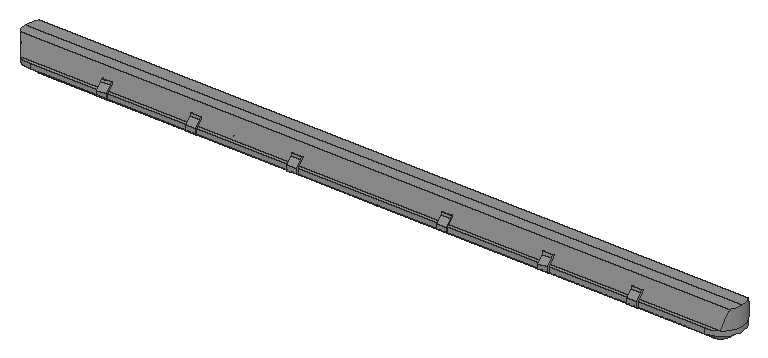
Revit family "ДСП-01 60 Вт 1500", category Осветительные приборы, Revit 2019 (continued)
Parameters (values of type "ДСП-01-ПП-60-1500-4К-IP65")
    4.4 283.1 281.8 280.4 278.9 277.2 275.5 273.8 271.8 269.9 267.8 265.6 263.3 260.9 258.4 256 253.3 250.6 247.8 244.9 242 238.9 235.8 232.6 229.4 226 222.6 219.1 215.7 212 208.4 204.7 200.9 197.2 193.4 189.5 185.6 181.6 177.7 173.7 169.7 165.6 161.5 157.4 153.4 149.2 145.1 140.9 136.9 132.7 128.8 124.6 120.7 116.7 112.8 108.8 104.9 101 97.3 93.6 90 86.4 82.9 79.5 76.1 72.8 69.6 66.5 63.4 60.4 57.5 54.7 51.9 49.3 46.8 44.3 41.9 39.6 37.3 35.2 33.1 31.1 29.2 27.3 25.6 23.9 22.2 20.7 19.3 17.9 16.5 15.3 14.1 13 11.8 10.8 9.7 8.8 7.9 7.2 6.5 5.9 5.5 5.1 4.9 4.8 4.7 4.7 4.7 4.6 4.6 4.6 4.6 4.6 4.6 4.6 4.6 4.5 4.5 4.5 4.5 4.5 4.5 4.5 4.5 4.5 4.5 4.5 4.5 4.6 4.5 4.5 4.5 4.5 4.5 4.5 4.5 4.5 4.5 4.5 4.5 4.5 4.5 2.3 2.3 2.3 2.3\r\n291.7 291.7 291.7 291.7 291.5 291.2 290.8 290.3 289.8 289.1 288.3 287.4 286.5 285.5 284.3 283 281.7 280.3 278.8 277.1 275.4 273.7 271.7 269.8 267.7 265.6 263.2 260.8 258.3 255.9 253.2 250.5 247.6 244.9 241.9 238.8 235.8 232.6 229.5 226.1 222.7 219.3 215.9 212.3 208.7 205.1 201.3 197.6 193.8 190 186.2 182.2 178.4 174.4 170.5 166.4 162.4 158.4 154.4 150.2 146.2 142.1 138.1 134 130.1 126 122.1 118.2 114.3 110.4 106.7 102.9 99.2 95.5 92 88.4 85 81.6 78.3 75 71.8 68.6 65.6 62.6 59.7 56.9 54.1 51.5 48.9 46.4 44 41.7 39.4 37.2 35 33.1 31.1 29.2 27.3 25.6 23.9 22.3 20.8 19.3 17.9 16.6 15.3 14.1 12.9 11.8 10.8 9.7 8.7 7.8 7 6.4 5.8 5.3 5 4.8 4.7 4.6 4.6 4.6 4.6 4.5 4.5 4.5 4.5 4.5 4.5 4.4 4.4 4.4 4.4 4.4 4.4 4.4 4.4 4.4 4.4 4.4 4.4 4.4 4.4 4.4 4.4 4.4 4.3 4.4 4.4 4.4 4.4 4.4 4.4 4.4 4.4 0 0 0 0\r\n291.7 291.7 291.8 291.7 291.5 291.2 290.8 290.4 289.8 289.1 288.4 287.5 286.5 285.5 284.4 283.2 281.8 280.4 278.9 277.3 275.6 273.8 271.9 269.9 267.9 265.7 263.4 261 258.6 256.1 253.4 250.8 248 245.2 242.2 239.2 236.2 232.9 229.8 226.5 223.2 219.7 216.3 212.8 209.3 205.6 201.9 198.2 194.5 190.7 186.9 183 179.2 175.3 171.4 167.4 163.5 159.4 155.5 151.4 147.5 143.5 139.6 135.6 131.7 127.7 123.9 119.9 116.2 112.3 108.6 104.9 101.3 97.6 94.2 90.7 87.3 83.9 80.7 77.4 74.2 71.1 68 65.1 62.2 59.4 56.6 54 51.4 48.9 46.4 44.1 41.8 39.6 37.4 35.3 33.3 31.4 29.5 27.7 25.9 24.3 22.7 21.2 19.7 18.3 17 15.7 14.5 13.3 12.2 11.1 10 9.1 8.2 7.4 6.7 6.1 5.6 5.3 5 4.9 4.8 4.8 4.8 4.8 4.8 4.7 4.7 4.7 4.7 4.7 4.7 4.7 4.7 4.7 4.7 4.7 4.7 4.6 4.6 4.6 4.6 4.6 4.6 4.6 4.6 4.6 4.6 4.6 4.6 4.6 4.6 4.6 4.6 4.6 4.6 2.4 2.4 2.4 2.4\r\n291.7 291.7 291.8 291.7 291.5 291.2 290.8 290.4 289.8 289.1 288.4 287.5 286.6 285.6 284.4 283.3 281.9 280.6 279 277.4 275.7 273.9 272.1 270.1 268.1 265.9 263.6 261.3 258.8 256.4 253.7 251.1 248.3 245.5 242.5 239.5 236.5 233.3 230.2 226.9 223.6 220.2 216.8 213.3 209.8 206.2 202.6 198.9 195.2 191.4 187.7 183.8 180.1 176.1 172.3 168.3 164.5 160.5 156.6 152.6 148.8 144.9 141 137.1 133.2 129.3 125.6 121.7 118 114.2 110.5 106.9 103.3 99.8 96.3 93 89.6 86.3 83.1 79.9 76.7 73.6 70.5 67.7 64.7 61.9 59.1 56.5 53.8 51.4 48.9 46.5 44.1 41.9 39.7 37.6 35.5 33.5 31.6 29.8 28 26.3 24.6 23.1 21.5 20 18.6 17.3 16 14.8 13.6 12.5 11.4 10.3 9.3 8.4 7.5 6.9 6.2 5.7 5.4 5.2 5.1 5 5 5 5 5 5 5 5 5 4.9 4.9 4.9 5 4.9 4.9 4.9 4.9 4.9 4.9 4.9 4.9 4.9 4.9 4.9 4.9 4.9 4.9 4.9 4.9 4.9 4.9 4.9 4.9 4.8 4.9 4.9 4.8 4.8\r\n291.6 291.7 291.7 291.6 291.4 291.2 290.8 290.3 289.8 289.1 288.4 287.5 286.6 285.6 284.4 283.3 281.9 280.6 279 277.4 275.7 273.9 272.1 270.1 268.1 265.9 263.7 261.4 258.9 256.5 253.9 251.2 248.4 245.7 242.7 239.7 236.7 233.6 230.5 227.2 223.9 220.5 217.2 213.7 210.2 206.6 203.1 199.4 195.8 192 188.3 184.5 180.7 176.8 173 169.1 165.2 161.3 157.5 153.5 149.7 145.9 142.1 138.2 134.4 130.5 126.8 123 119.3 115.5 111.9 108.3 104.8 101.3 97.9 94.5 91.2 87.9 84.7 81.5 78.3 75.3 72.2 69.4 66.4 63.6 60.8 58.2 55.5 53 50.5 48.2 45.8 43.5 41.3 39.2 37.1 35 33.1 31.2 29.3 27.6 25.9 24.3 22.7 21.2 19.8 18.4 17 15.8 14.6 13.4 12.3 11.2 10.1 9.1 8.2 7.4 6.7 6.1 5.6 5.3 5.1 5 5 5 5 5 5 5 5 4.9 4.9 4.9 4.9 5 4.9 4.9 4.9 4.9 4.8 4.9 4.8 4.8 4.8 4.8 4.8 4.8 4.8 4.8 4.8 4.8 4.8 4.8 4.8 4.8 4.7 4.8 4.8 4.7 4.7\r\n291.6 291.7 291.7 291.6 291.4 291.1 290.7 290.3 289.8 289.1 288.4 287.4 286.6 285.6 284.4 283.3 281.9 280.5 279 277.4 275.7 273.9 272.1 270.1 268.1 266 263.7 261.5 259 256.6 254 251.3 248.6 245.8 242.9 239.9 237 233.9 230.7 227.5 224.2 220.9 217.5 214.1 210.6 207.1 203.5 199.9 196.3 192.6 188.9 185.2 181.3 177.5 173.8 169.8 166 162.2 158.4 154.5 150.7 146.9 143.1 139.2 135.5 131.7 128 124.2 120.6 116.9 113.3 109.8 106.3 102.8 99.4 96.1 92.8 89.5 86.3 83.1 79.9 76.9 73.9 71.1 68.1 65.3 62.5 59.9 57.2 54.7 52.2 49.8 47.4 45.1 42.9 40.8 38.6 36.6 34.5 32.6 30.7 29 27.2 25.5 23.9 22.4 20.9 19.4 18 16.7 15.5 14.3 13.1 12 10.9 9.8 8.8 8 7.1 6.5 5.9 5.4 5.2 5 4.9 4.9 4.9 4.9 4.9 4.9 4.9 4.9 4.9 4.9 4.9 4.9 4.9 4.9 4.9 4.9 4.8 4.8 4.8 4.8 4.8 4.8 4.8 4.8 4.7 4.7 4.7 4.7 4.7 4.7 4.7 4.7 4.6 4.7 4.7 4.6 4.7\r\n291.6 291.7 291.6 291.6 291.4 291.1 290.7 290.2 289.7 289 288.3 287.4 286.5 285.5 284.4 283.2 281.8 280.4 278.9 277.3 275.6 273.9 272 270.1 268 265.9 263.7 261.4 259 256.5 254 251.3 248.6 245.8 242.9 240 237 233.9 230.8 227.6 224.4 221.1 217.7 214.2 210.9 207.3 203.8 200.2 196.6 193 189.3 185.6 181.8 178 174.3 170.4 166.7 162.8 159.1 155.2 151.5 147.7 144 140.2 136.5 132.7 129.1 125.3 121.8 118.1 114.6 111.1 107.6 104.2 100.8 97.5 94.3 91 87.8 84.6 81.5 78.5 75.5 72.6 69.7 66.9 64.1 61.5 58.8 56.3 53.8 51.4 48.9 46.6 44.4 42.2 40.1 38 35.9 34 32.1 30.3 28.5 26.8 25.1 23.5 22 20.5 19.1 17.8 16.4 15.2 14 12.9 11.8 10.7 9.7 8.8 7.9 7.1 6.4 5.9 5.5 5.2 5.1 5.1 5 5.1 5.1 5 5.1 5.1 5.1 5 5 5.1 5 5 5 5 5 5 4.9 5 5 5 4.9 4.9 4.9 4.9 4.9 4.9 4.8 4.9 4.9 4.8 4.8 4.8 4.8 4.8 4.8\r\n291.6 291.7 291.6 291.5 291.3 291 290.7 290.1 289.6 289 288.2 287.4 286.5 285.4 284.3 283.1 281.7 280.4 278.8 277.2 275.5 273.8 271.9 270 267.9 265.8 263.6 261.3 258.9 256.5 253.9 251.3 248.5 245.8 242.9 240 237 234 230.9 227.7 224.5 221.2 217.9 214.4 211.1 207.6 204.1 200.5 197 193.3 189.7 186 182.3 178.5 174.8 171 167.3 163.5 159.8 156 152.3 148.6 144.9 141.1 137.4 133.7 130.1 126.4 122.9 119.3 115.8 112.3 109 105.6 102.2 98.9 95.7 92.4 89.3 86.1 83 80 77 74.1 71.2 68.4 65.7 63 60.4 57.8 55.3 52.9 50.5 48.1 45.9 43.7 41.5 39.4 37.4 35.4 33.4 31.6 29.8 28 26.3 24.7 23.1 21.6 20.2 18.8 17.4 16.2 14.9 13.8 12.7 11.6 10.5 9.5 8.6 7.7 7 6.4 5.8 5.5 5.2 5.2 5.1 5.2 5.2 5.2 5.2 5.2 5.2 5.2 5.2 5.2 5.2 5.2 5.2 5.2 5.2 5.1 5.1 5.2 5.1 5.2 5.1 5.1 5.1 5.1 5.1 5.1 5 5 5 5 4.9 4.9 4.9 4.9 4.9\r\n291.6 291.7 291.6 291.5 291.3 291 290.6 290.1 289.5 288.9 288.1 287.3 286.3 285.3 284.2 282.9 281.6 280.2 278.7 277.1 275.4 273.7 271.8 269.9 267.9 265.8 263.6 261.3 258.9 256.4 253.9 251.3 248.6 245.8 243 240.1 237.1 234.1 231 227.8 224.6 221.4 218.1 214.7 211.3 207.8 204.4 200.8 197.3 193.7 190.1 186.4 182.8 179 175.3 171.6 167.9 164.2 160.5 156.8 153.1 149.4 145.7 142 138.4 134.7 131.1 127.5 124 120.4 117 113.5 110.2 106.8 103.5 100.2 97 93.8 90.7 87.5 84.4 81.4 78.4 75.5 72.6 69.8 67.1 64.4 61.7 59.2 56.6 54.2 51.8 49.4 47.1 44.9 42.7 40.6 38.5 36.5 34.5 32.7 30.8 29 27.3 25.7 24 22.5 21 19.6 18.2 16.9 15.6 14.4 13.3 12.1 11 10.1 9.1 8.2 7.4 6.7 6.1 5.6 5.3 5.1 5 5 5 5 5 5 5.1 5 5 5 5 5 5 5 5 5 5 5 5 5 4.9 4.9 4.9 4.9 4.9 4.9 4.9 4.9 4.9 4.8 4.8 2.5 2.5 2.5 2.4\r\n291.6 291.7 291.6 291.5 291.3 290.9 290.5 290.1 289.5 288.8 288.1 287.2 286.2 285.2 284 282.8 281.5 280.1 278.6 277 275.4 273.6 271.7 269.8 267.8 265.7 263.5 261.2 258.8 256.4 253.8 251.3 248.6 245.8 243 240.1 237.2 234.1 231.1 228 224.8 221.5 218.2 214.9 211.6 208.1 204.7 201.1 197.7 194 190.5 186.9 183.2 179.6 175.9 172.2 168.6 164.9 161.2 157.5 153.9 150.2 146.6 143 139.4 135.7 132.2 128.5 125.1 121.6 118.2 114.7 111.3 108 104.8 101.5 98.3 95.1 92 88.9 85.7 82.8 79.8 76.9 73.9 71.2 68.4 65.7 63 60.5 57.9 55.5 53.1 50.7 48.4 46.1 43.9 41.8 39.7 37.7 35.6 33.7 31.8 30 28.2 26.6 24.9 23.4 21.8 20.4 18.9 17.6 16.3 15.1 13.9 12.7 11.6 10.6 9.6 8.7 7.8 7 6.3 5.7 5.3 5.1 4.9 4.8 4.8 4.9 4.8 4.9 4.9 4.8 4.8 4.9 4.9 4.9 4.9 4.9 4.8 4.9 4.8 4.8 4.8 4.8 4.8 4.8 4.8 4.7 4.7 4.7 4.7 4.7 4.7 4.7 4.7 0 0 0 0\r\n291.6 291.6 291.6 291.4 291.2 290.9 290.5 290 289.4 288.7 288 287.1 286.1 285.1 283.9 282.7 281.4 280 278.5 276.9 275.2 273.5 271.6 269.6 267.6 265.5 263.3 261 258.6 256.1 253.6 251.1 248.4 245.6 242.8 239.9 237 233.9 230.9 227.8 224.6 221.3 218 214.7 211.4 208 204.5 201 197.6 194 190.4 186.8 183.2 179.5 175.9 172.2 168.6 165 161.4 157.7 154.1 150.5 146.9 143.2 139.7 136 132.5 128.9 125.5 122 118.6 115.2 111.9 108.6 105.4 102.1 98.9 95.7 92.7 89.5 86.4 83.5 80.5 77.7 74.7 72 69.2 66.6 63.9 61.3 58.8 56.4 53.9 51.5 49.2 47 44.7 42.6 40.5 38.5 36.4 34.5 32.6 30.8 29 27.3 25.7 24.1 22.5 21.1 19.6 18.2 16.9 15.6 14.4 13.2 12.1 11.1 10.1 9.2 8.3 7.5 6.7 6.1 5.6 5.3 5.1 5 5 5 4.9 4.9 4.9 4.9 4.9 4.9 4.9 4.9 4.9 4.9 4.9 4.9 4.9 4.9 4.9 4.9 4.8 4.8 4.8 4.8 4.8 4.8 4.8 4.7 4.8 4.7 4.7 2.4 2.4 2.4 0\r\n291.5 291.6 291.5 291.3 291.1 290.8 290.4 289.9 289.3 288.6 287.8 286.9 286 285 283.8 282.6 281.2 279.9 278.3 276.7 275 273.3 271.4 269.5 267.4 265.3 263.1 260.7 258.4 255.9 253.4 250.8 248.1 245.4 242.5 239.6 236.7 233.7 230.6 227.6 224.4 221.1 217.9 214.5 211.2 207.8 204.4 200.9 197.4 193.9 190.3 186.7 183.1 179.4 175.9 172.3 168.7 165.1 161.5 157.8 154.3 150.7 147.1 143.5 139.9 136.3 132.8 129.3 125.9 122.5 119.1 115.7 112.5 109.2 106 102.7 99.6 96.4 93.4 90.2 87.2 84.3 81.3 78.4 75.5 72.8 70 67.4 64.7 62.2 59.6 57.2 54.7 52.4 50 47.8 45.6 43.4 41.3 39.3 37.2 35.3 33.4 31.6 29.8 28.1 26.4 24.8 23.2 21.7 20.2 18.9 17.5 16.2 15 13.8 12.7 11.6 10.6 9.6 8.7 7.9 7.1 6.5 5.9 5.6 5.3 5.1 5.1 5.1 5.1 5 5 5 5 5 4.9 4.9 5 4.9 4.9 4.9 4.9 4.9 4.9 4.9 4.9 4.9 4.9 4.9 4.8 4.8 4.9 4.8 4.8 4.8 4.8 4.8 4.8 4.8 0\r\n291.5 291.6 291.5 291.3 291.1 290.8 290.3 289.8 289.2 288.6 287.8 286.9 285.9 284.9 283.7 282.5 281.1 279.8 278.2 276.6 274.9 273.2 271.3 269.3 267.3 265.2 262.9 260.6 258.2 255.7 253.2 250.6 247.9 245.2 242.3 239.4 236.4 233.4 230.4 227.3 224.2 220.9 217.7 214.4 211.1 207.7 204.3 200.8 197.4 193.9 190.3 186.8 183.2 179.6 176.1 172.5 168.9 165.4 161.8 158.2 154.7 151.1 147.5 143.9 140.4 136.8 133.3 129.9 126.5 123.1 119.7 116.3 113.1 109.8 106.7 103.4 100.3 97.1 94.1 91 88 85.1 82.1 79.3 76.4 73.6 70.9 68.3 65.6 63.1 60.5 58.1 55.6 53.3 50.9 48.7 46.4 44.3 42.1 40.1 38.1 36.1 34.2 32.4 30.5 28.8 27.1 25.5 23.9 22.4 20.9 19.5 18.1 16.8 15.6 14.3 13.2 12.1 11.1 10.1 9.1 8.3 7.5 6.8 6.2 5.7 5.4 5.2 5.2 5.2 5.2 5.1 5.1 5.1 5.1 5.1 5 5 5 5 5 5 4.9 4.9 4.9 4.9 4.9 4.9 4.9 4.9 4.9 4.8 4.9 4.8 2.4 2.4 2.4 2.4 2.4 2.4 0\r\n291.5 291.5 291.5 291.3 291.1 290.7 290.3 289.8 289.2 288.5 287.7 286.9 285.9 284.8 283.6 282.4 281.1 279.6 278.1 276.5 274.8 273 271.1 269.2 267.1 265 262.7 260.4 258 255.6 253 250.4 247.6 244.9 242 239.1 236.2 233.2 230.2 227 223.9 220.7 217.5 214.3 211 207.6 204.2 200.7 197.3 193.9 190.4 186.8 183.3 179.7 176.2 172.7 169.1 165.6 162.1 158.5 155 151.5 147.9 144.3 140.8 137.3 133.9 130.4 127 123.6 120.3 117 113.8 110.5 107.3 104.1 101 97.9 94.9 91.8 88.8 85.9 82.9 80.2 77.3 74.5 71.8 69.1 66.5 64 61.4 58.9 56.5 54.2 51.8 49.5 47.2 45.1 43 40.9 38.9 37 34.9 33.1 31.3 29.6 27.8 26.2 24.6 23 21.5 20.1 18.7 17.4 16.1 14.9 13.7 12.6 11.5 10.6 9.6 8.7 7.9 7.1 6.5 5.9 5.6 5.3 5.3 5.3 5.3 5.2 5.2 5.2 5.1 5.1 5.1 5 5 5 5 5 4.9 4.9 4.9 4.9 4.9 4.9 4.9 4.9 4.9 4.8 4.9 4.9 0 0 0 0 0 0 0\r\n291.6 291.6 291.5 291.3 291.1 290.7 290.3 289.7 289.1 288.5 287.6 286.8 285.8 284.7 283.5 282.3 280.9 279.5 278 276.4 274.7 272.9 271 269.1 267 264.9 262.6 260.4 258 255.5 253 250.4 247.7 245 242.1 239.2 236.3 233.3 230.3 227.2 224.1 220.9 217.7 214.4 211.1 207.7 204.4 200.9 197.5 194 190.5 187 183.5 179.8 176.4 172.8 169.3 165.7 162.2 158.6 155.1 151.6 148.1 144.5 141 137.5 134 130.6 127.2 123.9 120.6 117.2 114 110.8 107.6 104.4 101.3 98.2 95.1 92 89 86.1 83.2 80.4 77.5 74.7 72 69.4 66.7 64.2 61.6 59.2 56.7 54.4 52 49.7 47.5 45.3 43.2 41.2 39.1 37.2 35.2 33.3 31.5 29.7 28 26.4 24.8 23.2 21.7 20.3 18.9 17.6 16.3 15 13.8 12.7 11.7 10.7 9.7 8.8 8 7.2 6.5 6 5.6 5.4 5.3 5.3 5.3 5.2 5.3 5.2 5.2 5.2 5.2 5.1 5.1 5.1 5.1 5.1 5 5.1 5 5 5 5 4.9 4.9 4.9 4.9 4.9 4.9 2.4 2.4 2.4 2.4 0 0 0\r\n291.7 291.6 291.5 291.3 291.1 290.7 290.3 289.7 289.1 288.4 287.6 286.7 285.7 284.7 283.5 282.2 280.8 279.4 277.9 276.3 274.6 272.8 270.9 269 266.9 264.8 262.6 260.4 258 255.5 253 250.4 247.7 245 242.2 239.3 236.4 233.5 230.4 227.4 224.2 221 217.9 214.5 211.3 207.9 204.5 201.1 197.7 194.2 190.7 187.1 183.6 180 176.5 172.9 169.4 165.9 162.4 158.8 155.3 151.8 148.2 144.6 141.2 137.6 134.2 130.8 127.4 124.1 120.8 117.5 114.2 111 107.9 104.7 101.6 98.4 95.4 92.3 89.3 86.4 83.4 80.6 77.7 75 72.3 69.6 67 64.4 61.9 59.4 56.9 54.6 52.3 50 47.8 45.6 43.4 41.4 39.3 37.4 35.4 33.5 31.7 29.9 28.2 26.5 24.9 23.3 21.9 20.5 19.1 17.7 16.4 15.2 13.9 12.9 11.8 10.8 9.8 8.9 8 7.3 6.6 6.1 5.7 5.5 5.4 5.3 5.3 5.3 5.3 5.3 5.3 5.2 5.3 5.2 5.3 5.2 5.2 5.2 5.1 5.2 5.1 5 5 5 4.9 5 4.9 4.9 4.9 4.9 4.8 4.9 4.9 4.8 0 0 0\r\n291.6 291.6 291.4 291.2 290.9 290.6 290.1 289.5 288.9 288.1 287.3 286.4 285.3 284.2 283 281.7 280.3 278.9 277.3 275.7 274 272.1 270.2 268.2 266.1 264 261.7 259.4 257 254.6 252 249.5 246.7 244 241.1 238.3 235.4 232.4 229.4 226.3 223.2 220.1 216.9 213.6 210.3 207 203.7 200.2 196.8 193.3 189.9 186.3 182.9 179.3 175.9 172.3 168.8 165.3 161.8 158.3 154.8 151.3 147.8 144.2 140.8 137.3 133.9 130.5 127.2 123.8 120.6 117.3 114.1 110.9 107.8 104.6 101.6 98.4 95.4 92.3 89.4 86.5 83.5 80.7 77.9 75.1 72.4 69.8 67.2 64.6 62.1 59.6 57.2 54.9 52.5 50.2 48 45.9 43.7 41.7 39.6 37.6 35.7 33.8 32 30.2 28.5 26.8 25.2 23.6 22.2 20.7 19.3 18 16.6 15.4 14.2 13.1 12 11 10 9.1 8.2 7.5 6.7 6.1 5.7 5.4 5.2 5.2 5.2 5.2 5.2 5.1 5.1 5.1 5.1 5.1 5.1 5.1 5.1 5.1 5 5.1 5 2.5 2.5 2.5 2.5 2.5 2.5 2.5 2.4 2.4 2.4 2.4 2.4 2.4 0 0 0\r\n291.6 291.5 291.4 291.1 290.8 290.4 289.9 289.4 288.6 287.9 287 286.1 285 283.8 282.5 281.2 279.8 278.3 276.7 275.1 273.3 271.5 269.5 267.5 265.3 263.1 260.8 258.5 256.1 253.7 251 248.5 245.7 242.9 240.1 237.3 234.4 231.3 228.4 225.2 222.1 219.1 215.8 212.7 209.3 206 202.8 199.3 195.9 192.5 189 185.5 182.1 178.5 175.2 171.6 168.2 164.7 161.2 157.7 154.3 150.8 147.3 143.8 140.4 137 133.6 130.3 126.9 123.6 120.4 117.2 114 110.8 107.7 104.5 101.5 98.4 95.4 92.4 89.4 86.6 83.6 80.9 78 75.3 72.6 70 67.4 64.9 62.3 59.9 57.4 55.1 52.7 50.5 48.3 46.2 43.9 41.9 39.9 37.9 35.9 34.1 32.3 30.5 28.8 27.1 25.5 23.9 22.4 21 19.6 18.2 16.9 15.7 14.4 13.3 12.2 11.2 10.2 9.2 8.3 7.6 6.8 6.2 5.7 5.3 5.1 5.1 5 5 5.1 5 5 5 5 5 5 5 5 4.9 4.9 4.9 5 0 0 0 0 0 0 0 0 0 0 0 0 0 0 0 0\r\n291.6 291.5 291.4 291.2 290.9 290.5 290 289.4 288.8 288 287.2 286.3 285.2 284.1 282.8 281.6 280.2 278.8 277.2 275.6 273.9 272.1 270.1 268.2 266.1 264.1 261.8 259.5 257.2 254.8 252.3 249.8 247.1 244.5 241.7 238.9 236.1 233.2 230.2 227.2 224.2 221.2 218 214.9 211.6 208.4 205.2 201.8 198.5 195.2 191.7 188.3 184.9 181.4 178.1 174.6 171.1 167.7 164.3 160.8 157.4 153.9 150.5 147 143.6 140.2 136.8 133.4 130 126.6 123.4 120 116.8 113.4 110.2 106.8 103.6 100.2 97 93.7 90.6 87.6 84.6 81.7 78.8 76 73.3 70.6 68 65.4 62.9 60.4 57.9 55.5 53.1 50.8 48.5 46.4 44.2 42.1 40.1 38.1 36.1 34.2 32.3 30.6 28.8 27.1 25.5 23.9 22.4 20.9 19.5 18.1 16.8 15.5 14.3 13.2 12 11 10 9 8.1 7.4 6.6 6 5.5 5.2 5 5 5 5 5 4.9 5 5 4.9 5 4.9 5 4.9 4.9 4.9 4.9 4.9 2.4 2.4 2.3 2.3 2.3 2.3 2.3 2.3 2.3 2.3 2.3 2.3 2.3 2.3 2.3 2.3\r\n291.6 291.5 291.4 291.2 291 290.6 290.1 289.5 288.9 288.2 287.4 286.5 285.4 284.4 283.1 281.9 280.5 279.2 277.6 276.1 274.4 272.7 270.8 269 267 265 262.8 260.6 258.3 256 253.6 251.1 248.5 246 243.3 240.6 237.7 235 232.1 229.2 226.2 223.3 220.2 217.1 214 210.8 207.6 204.4 201.1 197.8 194.4 191.1 187.7 184.3 180.9 177.6 174.1 170.7 167.3 163.9 160.5 157 153.6 150.2 146.8 143.3 139.9 136.5 133.1 129.7 126.3 122.9 119.6 116 112.7 109.1 105.6 102.1 98.6 95.1 91.8 88.6 85.5 82.5 79.6 76.7 73.9 71.2 68.6 66 63.4 60.8 58.4 55.9 53.5 51.1 48.8 46.6 44.4 42.3 40.3 38.2 36.2 34.3 32.4 30.6 28.9 27.2 25.5 23.9 22.3 20.9 19.4 18 16.6 15.4 14.1 13 11.8 10.8 9.8 8.8 7.9 7.1 6.4 5.8 5.3 5 4.9 4.9 4.9 4.9 5 4.9 4.9 4.9 4.9 4.9 4.9 4.9 4.9 4.9 4.9 4.9 4.8 4.7 4.8 4.7 4.6 4.6 4.6 4.6 4.5 4.6 4.6 4.6 4.6 4.6 4.7 4.7 4.7\r\n291.6 291.5 291.4 291.2 290.9 290.5 290 289.4 288.8 288.1 287.2 286.3 285.2 284.1 
